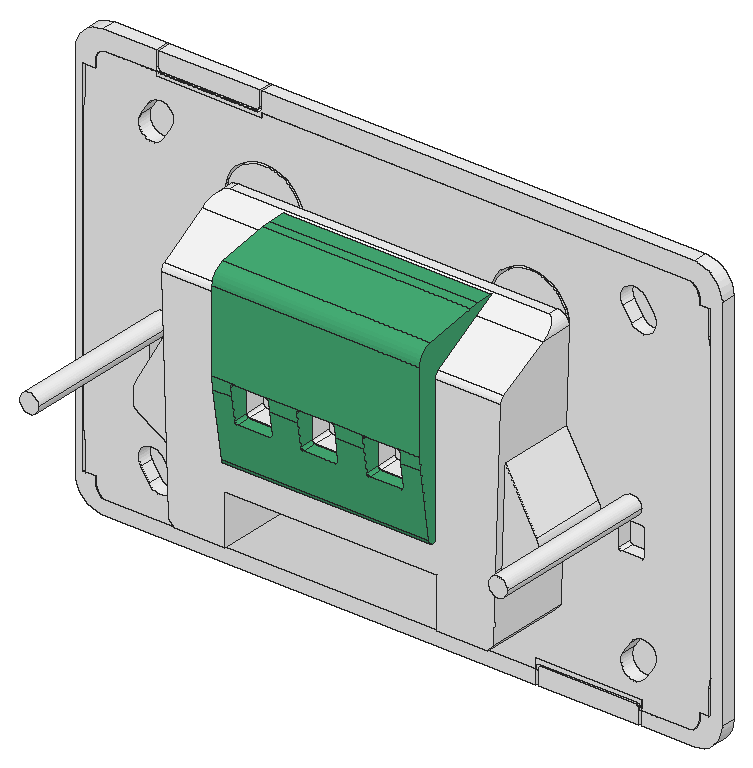
Revit family "SE - Cadence - P3025____", category Electrical Fixtures, Revit 2016
Family settings
  Maintain Annotation Orientation = No
  Part Type = Normal
  Round Connector Dimension = Use Diameter
  OmniClass Number = 23.80.50.11.14
  OmniClass Title = Switches
  Work Plane-Based = No
  Always vertical = No
  Cut with Voids When Loaded = No
  Shared = No
  Room Calculation Point = No
Parameters (values of type "P3025")
  Width [instance] = if(Product Selection = Assembly, 116 mm, if(Product Selection = Grid, 112 mm, 116 mm))  # 116 mm
  White = Colour : White
  URL = ""
  Type Image = <None>
  Standards [instance] = if(Product Selection = Skin, "NA", "AS 3112")  # "AS 3112"
  Skin surface finish [instance] = if(Product Selection = Skin, "Glossy", if(Product Selection = Assembly, "Glossy", "NA"))  # "Glossy"
  Skin colour [instance] = if(and(Product Selection = Skin, Skin Colour Option = White), "White", if(and(Product Selection = Skin, Skin Colour Option = Black), "Black", if(and(Product Selection = Skin, Skin Colour Option = Blue), "Blue", if(and(Product Selection = Skin, Skin Colour Option = Green), "Green", if(and(Product Selection = Assembly, Skin Colour Option = White), "White", if(and(Product Selection = Assembly, Skin Colour Option = Black), "Black", if(and(Product Selection = Assembly, Skin Colour Option = Blue), "Blue", if(and(Product Selection = Assembly, Skin Colour Option = Green), "Green", if(Product Selection = Grid, "NA", if(and(Product Selection = Skin, Skin Colour Option = Red), "Red", if(and(Product Selection = Assembly, Skin Colour Option = Red), "Red", "NA")))))))))))  # "White"
  Skin Option [instance] = or(Product Selection = Skin, or(Product Selection = Assembly))  # yes
  Skin = Option : Skin
  Red = Colour : Red
  Rated current [instance] = if(Product Selection = Skin, "NA", "10 A, 250 V AC, 50 Hz")  # "10 A, 250 V AC, 50 Hz"
  Range = "Clipsal Pro Series"  # constant formula
  REACH Declaration = ""
  Product certifications [instance] = if(Product Selection = Skin, "NA", "RCM")  # "RCM"
  Product Selection [instance] = Option : Assembly
  Plate orientation [instance] = "Horizontal"  # constant formula
  Outlet poles configuration [instance] = if(Product Selection = Skin, "NA", "1P + E with shutter")  # "1P + E with shutter"
  Outlet Standard Description [instance] = if(Product Selection = Skin, "NA", "With earthing contact")  # "With earthing contact"
  Outlet Standard [instance] = "Australian"  # constant formula
  Number of switch [instance] = "2"  # constant formula
  Number of power socket outlets [instance] = if(Product Selection = Skin, "NA", "2")  # "2"
  Model Number [instance] = if(and(Product Selection = Skin, Skin Colour Option = White), "P3025C-XW", if(and(Product Selection = Skin, Skin Colour Option = Black), "P3025C-BK", if(and(Product Selection = Skin, Skin Colour Option = Blue), "P3025C-BL", if(and(Product Selection = Skin, Skin Colour Option = Green), "P3025C-GR", if(and(Product Selection = Assembly, Skin Colour Option = White), "P3025-XW", if(and(Product Selection = Assembly, Skin Colour Option = Black), "P3025-BK", if(and(Product Selection = Assembly, Skin Colour Option = Blue), "P3025-BL", if(and(Product Selection = Assembly, Skin Colour Option = Green), "P3025-GR", if(Product Selection = Grid, "P3025G", if(and(Product Selection = Skin, Skin Colour Option = Red), "P3025C-RD", if(and(Product Selection = Assembly, Skin Colour Option = Red), "P3025-RD", "NA")))))))))))  # "P3025-XW"
  Model Description [instance] = if(Product Selection = Skin, "Skin Socket Sw Horiz Twin 10A 250V ", if(Product Selection = Assembly, "Socket Sw Horiz Twin 10A 250V ", if(Product Selection = Grid, "Grid Socket Sw Horiz Twin 10A 250V", "NA")))  # "Socket Sw Horiz Twin 10A 250V "
  Height [instance] = if(Product Selection = Assembly, 78 mm, if(Product Selection = Grid, 72 mm, 78 mm))  # 78 mm
  Grid colour [instance] = if(Grid Option, "White", if(Product Selection = Assembly, "White", "NA"))  # "White"
  Grid = Option : Grid
  Eu RoHS Compliance = ""
  Environmental disclosure = ""
  Embedding Depth (depth into the  wall) [instance] = if(Product Selection = Skin, "NA", "18.5 mm")  # "18.5 mm"
  Electrical durability [instance] = if(Product Selection = Assembly, "12 000 cycles", "NA")  # "12 000 cycles"
  Device Presentation [instance] = if(Product Selection = Skin, "Skin", if(Product Selection = Assembly, "Grid plate with skin", if(Product Selection = Grid, "Grid Plate", "NA")))  # "Grid plate with skin"
  Depth [instance] = if(Product Selection = Assembly, 30 mm, if(Product Selection = Grid, 25 mm, 9 mm))  # 30 mm
  Connections - terminals [instance] = if(Product Selection = Skin, "NA", "3 screw terminals")  # "3 screw terminals"
  Clamping connection capacity [instance] = if(Product Selection = Assembly, "Up 4 x 2.5 mm² for rigid cable(s) , 1 x 2.5...4 x 2.5 mm² for stranded cable(s) ", if(Product Selection = Grid, "1 x 2.5...4 x 2.5 mm² for rigid cable(s),1 x 2.5...4 x 2.5 mm² for stranded cable(s) ", "NA"))  # "Up 4 x 2.5 mm² for rigid cable(s) , 1 x 2.5...4 x 2.5 mm² for stranded cable(s) "
  Assembly = Option : Assembly
  Manufacturer = "Schneider Electric"
  Grid Option [instance] = or(Product Selection = Grid, or(Product Selection = Assembly))  # yes
  Description = ""
  Blue = Colour : Blue
  Skin Colour Option [instance] = Colour : White
  Green = Colour : Green
  Black = Colour : Black
Reference planes
  plane 1 "Center (Front/Back)": y = 0
  plane 2: z = 0
  plane 3 "Center (Left/Right)": x = 0
  plane 4: x = -58
  plane 5: x = 58
  plane 6: z = 39
  plane 7: z = -39
Forms (mm)
  Extrusion 1, solid, not visible
    sketch origin (0, 0, 0) x (1, 0, 0) y (0, 0, 1)
      loop
        circle (0, 0) r 0.25
    from 0 to 0.256
Dimensions and locks
  equal spacing: plane 5, plane 3 "Center (Left/Right)", plane 4
  "Width": plane 5 to plane 4
  equal spacing: plane 6, level, plane 7
  "Height": plane 6 to plane 7
  aligned and locked: level to plane 2
Automatic sketch dimensions
  plane 3 "Center (Left/Right)" to Extrusion 1 sketch curve = 0 mm
  level to Extrusion 1 sketch curve = 0 mm
  radius of Extrusion 1 sketch curve = 0.25 mm
Nested families
  nested 1: "Colour" at (-2.687, 0, -4.778) x (-1, 0, 0) z (0, 0, 1), type <- "Skin Colour Option", type "White"
  nested 2: "Option" at (-0.187, 7.4, -4.778) x (-1, 0, 0) z (0, 0, 1), type <- "Product Selection", type "Assembly"
    with Product Description "Grid Socket Sw Horiz Twin 10A 250V", Part Number "P3025G"
Connectors
  electrical at (0, 0, 0)
    settings: on Extrusion 1, index 1, voltage 0 V, apparent load 0 VA, apparent load phase1 0 VA, apparent load phase2 0 VA, apparent load phase3 0 VA, power factor 1, load classification "Other", number of poles 1, system type 30, power factor state 1, is connector primary yes, connector utility no, sub classification motor no, connector description ""
Definition of nested family "Colour"
  Parameters (values of type "Red")
    URL = ""
    Type Comments = ""
    Skin = yes
    Model = ""
    Manufacturer = ""
    Description = ""
    Default Elevation = 0 mm
    Cost = 0
    Colour = none
  Types (5): name
    Blue
    Black
    White
    Green
    Red
  Reference planes
    plane 1: y = 0
    plane 2: z = 0
    plane 3: x = 0
    plane 4: y = -16.4
    plane 5: y = -9.9
    plane 6: through (47.914, -16.4, 1219.2) normal (-0.6561, 0.7547, 0)
  Forms (mm)
    Blend 1, solid, material <- "Colour", visible <- "Skin"
      base sketch origin (-522.469, -7.4, -518.248) x (0, 0, 1) y (-1, 0, 0)
        loop
          arc (557.027, -577.782) -> (560.562, -576.318) -> (562.027, -572.782) r 5
          line (562.027, -572.782) -> (562.027, -466.782)
          arc (562.027, -466.782) -> (560.562, -463.247) -> (557.027, -461.782) r 5
          line (557.027, -461.782) -> (489.027, -461.782)
          arc (489.027, -461.782) -> (485.491, -463.247) -> (484.027, -466.782) r 5
          line (484.027, -466.782) -> (484.027, -572.782)
          arc (484.027, -572.782) -> (485.491, -576.318) -> (489.027, -577.782) r 5
          line (489.027, -577.782) -> (557.027, -577.782)
      top sketch origin (-522.469, -7.4, -518.248) x (0, 0, 1) y (-1, 0, 0)
        loop
          arc (557.107, -472.5) -> (555.849, -469.439) -> (552.787, -468.181) r 4.296
          line (552.787, -468.181) -> (493.266, -468.181)
          arc (493.266, -468.181) -> (490.205, -469.439) -> (488.946, -472.5) r 4.296
          line (488.946, -472.5) -> (488.946, -567.065)
          arc (488.946, -567.065) -> (490.205, -570.126) -> (493.266, -571.383) r 4.296
          line (493.266, -571.383) -> (552.787, -571.383)
          arc (552.787, -571.383) -> (555.849, -570.126) -> (557.107, -567.065) r 4.296
          line (557.107, -567.065) -> (557.107, -472.5)
      from 2.5 to 9
    Extrusion 2, void
      sketch origin (-522.469, -7.4, -518.248) x (0, 0, 1) y (-1, 0, 0)
        loop
          arc (514.928, -485.666) -> (512.312, -486.367) -> (513.013, -488.983) r 1.915
          line (513.013, -488.983) -> (519.245, -492.581)
          arc (519.245, -492.581) -> (521.861, -491.88) -> (521.16, -489.264) r 1.915
          line (521.16, -489.264) -> (514.928, -485.666)
        loop
          arc (513.013, -502.982) -> (512.312, -505.598) -> (514.928, -506.299) r 1.915
          line (514.928, -506.299) -> (521.16, -502.7)
          arc (521.16, -502.7) -> (521.861, -500.085) -> (519.245, -499.384) r 1.915
          line (519.245, -499.384) -> (513.013, -502.982)
        loop
          line (498.442, -498.644) -> (507.17, -498.644)
          arc (507.17, -498.644) -> (509.865, -495.949) -> (507.17, -493.255) r 2.695
          line (507.17, -493.255) -> (498.442, -493.321)
          arc (498.442, -493.321) -> (495.781, -495.983) -> (498.442, -498.644) r 2.662
        loop
          line (514.928, -553.899) -> (521.16, -550.3)
          arc (521.16, -550.3) -> (521.861, -547.685) -> (519.245, -546.984) r 1.915
          line (519.245, -546.984) -> (513.013, -550.582)
          arc (513.013, -550.582) -> (512.312, -553.198) -> (514.928, -553.899) r 1.915
        loop
          line (513.013, -536.583) -> (519.245, -540.181)
          arc (519.245, -540.181) -> (521.861, -539.48) -> (521.16, -536.864) r 1.915
          line (521.16, -536.864) -> (514.928, -533.266)
          arc (514.928, -533.266) -> (512.312, -533.967) -> (513.013, -536.583) r 1.915
        loop
          arc (498.442, -540.921) -> (495.781, -543.582) -> (498.442, -546.244) r 2.662
          line (498.442, -546.244) -> (507.17, -546.31)
          arc (507.17, -546.31) -> (509.865, -543.615) -> (507.17, -540.921) r 2.695
          line (507.17, -540.921) -> (498.442, -540.921)
      from 8.263 to 9
    Extrusion 3, void
      sketch origin (-522.469, -16.4, -518.248) x (0, 0, -1) y (-1, 0, 0)
        loop
          arc (-548.826, -486.722) -> (-551.839, -487.97) -> (-553.086, -490.982) r 4.261
          line (-553.086, -490.982) -> (-553.086, -500.982)
          arc (-553.086, -500.982) -> (-551.839, -503.995) -> (-548.826, -505.243) r 4.261
          line (-548.826, -505.243) -> (-538.982, -505.243)
          arc (-538.982, -505.243) -> (-535.867, -503.889) -> (-534.732, -500.687) r 4.261
          line (-534.732, -500.687) -> (-534.722, -490.982)
          arc (-534.722, -490.982) -> (-535.969, -487.97) -> (-538.982, -486.722) r 4.261
          line (-538.982, -486.722) -> (-548.826, -486.722)
        loop
          line (-548.982, -552.843) -> (-538.982, -552.843)
          arc (-538.982, -552.843) -> (-535.969, -551.595) -> (-534.722, -548.582) r 4.261
          line (-534.722, -548.582) -> (-534.732, -538.877)
          arc (-534.732, -538.877) -> (-535.867, -535.676) -> (-538.982, -534.322) r 4.261
          line (-538.982, -534.322) -> (-548.982, -534.322)
          arc (-548.982, -534.322) -> (-551.995, -535.57) -> (-553.243, -538.582) r 4.261
          line (-553.243, -538.582) -> (-553.243, -548.582)
          arc (-553.243, -548.582) -> (-551.995, -551.595) -> (-548.982, -552.843) r 4.261
        loop
          line (-513.592, -488.269) -> (-514.646, -486.54) -> (-520.537, -489.995) -> (-519.572, -491.667) -> (-513.592, -488.269)
        loop
          line (-519.568, -500.269) -> (-520.565, -502.007) -> (-514.584, -505.411) -> (-513.639, -503.669) -> (-519.568, -500.269)
        loop
          line (-499.373, -494.979) -> (-506.247, -494.995) -> (-506.247, -496.953) -> (-499.367, -496.953) -> (-499.373, -494.979)
        loop
          line (-513.592, -551.296) -> (-519.572, -547.898) -> (-520.537, -549.569) -> (-514.646, -553.024) -> (-513.592, -551.296)
        loop
          line (-519.568, -539.295) -> (-513.639, -535.896) -> (-514.584, -534.153) -> (-520.565, -537.557) -> (-519.568, -539.295)
        loop
          line (-499.373, -544.586) -> (-499.367, -542.612) -> (-506.247, -542.612) -> (-506.247, -544.57) -> (-499.373, -544.586)
      from 0 to 9
    Extrusion 4, solid, material <- "Colour", visible <- "Skin"
      sketch origin (-522.469, -9.9, -518.248) x (0, 0, -1) y (-1, 0, 0)
        loop
          line (-562.027, -466.782) -> (-562.027, -572.782)
          arc (-562.027, -572.782) -> (-560.562, -576.318) -> (-557.027, -577.782) r 5
          line (-557.027, -577.782) -> (-489.027, -577.782)
          arc (-489.027, -577.782) -> (-485.491, -576.318) -> (-484.027, -572.782) r 5
          line (-484.027, -572.782) -> (-484.027, -466.782)
          arc (-484.027, -466.782) -> (-485.491, -463.247) -> (-489.027, -461.782) r 5
          line (-489.027, -461.782) -> (-557.027, -461.782)
          arc (-557.027, -461.782) -> (-560.562, -463.247) -> (-562.027, -466.782) r 5
        loop
          arc (-558.592, -572.762) -> (-557.864, -573.716) -> (-556.75, -574.162) r 2.259
          line (-556.75, -574.162) -> (-555.297, -574.162) -> (-555.297, -576.408) -> (-489.744, -576.408) -> (-489.744, -574.142) -> (-488.936, -574.142)
          arc (-488.936, -574.142) -> (-487.473, -573.71) -> (-486.48, -572.552) r 2.692
          line (-486.48, -572.552) -> (-486.48, -495.205) -> (-488.221, -495.205) -> (-488.221, -476.288) -> (-486.48, -476.288) -> (-486.48, -467.439)
          arc (-486.48, -467.439) -> (-487.328, -466.365) -> (-488.602, -465.865) r 2.616
          line (-488.602, -465.865) -> (-489.771, -465.865) -> (-489.771, -463.939) -> (-555.271, -463.939) -> (-555.271, -465.865) -> (-556.44, -465.865)
          arc (-556.44, -465.865) -> (-557.747, -466.39) -> (-558.592, -467.516) r 2.616
          line (-558.592, -467.516) -> (-558.592, -544.303) -> (-557.792, -544.303) -> (-557.792, -563.22) -> (-558.592, -563.22) -> (-558.592, -572.762)
      from 0 to 2.5
    Extrusion 5, void
      sketch origin (47.914, -16.4, 1219.2) x (0.75471, 0.656059, 0) y (0, 0, 1)
        loop
          line (2.077, -1190.591) -> (2.077, -1239.381)
          spline (2.077, -1239.381) -> (2.188, -1240.23) -> (2.511, -1241.022) -> (3.025, -1241.701) -> (3.695, -1242.223) -> (4.476, -1242.551) -> (5.313, -1242.662) -> (6.151, -1242.551) -> (6.931, -1242.223) -> (7.601, -1241.701) -> (8.116, -1241.022) -> (8.439, -1240.23) -> (8.549, -1239.381)
          line (8.549, -1239.381) -> (8.549, -1190.591)
          spline (8.549, -1190.591) -> (8.439, -1189.741) -> (8.116, -1188.95) -> (7.601, -1188.27) -> (6.931, -1187.749) -> (6.151, -1187.421) -> (5.313, -1187.309) -> (4.476, -1187.421) -> (3.695, -1187.749) -> (3.025, -1188.27) -> (2.511, -1188.95) -> (2.188, -1189.741) -> (2.077, -1190.591)
      from -0.469 to 0.948
    Extrusion 6, void
      sketch origin (-51.039, -16.4, 1219.2) x (-0.75471, 0.656059, 0) y (0, 0, -1)
        loop
          spline (3.108, 1190.591) -> (3.217, 1189.741) -> (3.536, 1188.95) -> (4.043, 1188.27) -> (4.705, 1187.749) -> (5.476, 1187.421) -> (6.302, 1187.309) -> (7.129, 1187.421) -> (7.9, 1187.749) -> (8.561, 1188.27) -> (9.069, 1188.95) -> (9.388, 1189.741) -> (9.497, 1190.591)
          line (9.497, 1190.591) -> (9.497, 1239.381)
          spline (9.497, 1239.381) -> (9.388, 1240.23) -> (9.069, 1241.022) -> (8.561, 1241.701) -> (7.9, 1242.223) -> (7.129, 1242.551) -> (6.302, 1242.662) -> (5.476, 1242.551) -> (4.705, 1242.223) -> (4.043, 1241.701) -> (3.536, 1241.022) -> (3.217, 1240.23) -> (3.108, 1239.381)
          line (3.108, 1239.381) -> (3.108, 1190.591)
      from 0.664 to 3.628
    Extrusion 7, void
      sketch origin (16.111, -7.4, 106.058) x (0, 0, 1) y (-1, 0, 0)
        loop
          arc (-111.843, 44.626) -> (-112.048, 45.121) -> (-112.543, 45.326) r 0.7
          line (-112.543, 45.326) -> (-117.136, 45.326)
          arc (-117.136, 45.326) -> (-114.441, 42.631) -> (-117.136, 39.936) r 2.695
          line (-117.136, 39.936) -> (-112.543, 39.936)
          arc (-112.543, 39.936) -> (-112.048, 40.141) -> (-111.843, 40.636) r 0.7
          line (-111.843, 40.636) -> (-111.843, 44.626)
        loop
          line (-117.136, -7.73) -> (-112.566, -7.73)
          arc (-112.566, -7.73) -> (-112.055, -7.518) -> (-111.843, -7.007) r 0.723
          line (-111.843, -7.007) -> (-111.843, -2.995)
          arc (-111.843, -2.995) -> (-112.035, -2.532) -> (-112.497, -2.341) r 0.654
          line (-112.497, -2.341) -> (-117.136, -2.341)
          arc (-117.136, -2.341) -> (-114.441, -5.035) -> (-117.136, -7.73) r 2.695
      from 8.58 to 9
    Extrusion 8, void
      sketch origin (16.111, -7.4, 106.058) x (0, 0, 1) y (-1, 0, 0)
        loop
          arc (-64.989, -5.723) -> (-65.555, -5.957) -> (-65.789, -6.523) r 0.8
          line (-65.789, -6.523) -> (-65.789, -23.84)
          arc (-65.789, -23.84) -> (-65.555, -24.405) -> (-64.989, -24.64) r 0.8
          line (-64.989, -24.64) -> (-60.771, -24.64) -> (-60.771, -5.723) -> (-64.989, -5.723)
        loop
          line (-65.405, -6.7) -> (-65.405, -23.675)
          arc (-65.405, -23.675) -> (-65.257, -24.033) -> (-64.899, -24.181) r 0.506
          line (-64.899, -24.181) -> (-61.653, -24.181) -> (-61.653, -6.181) -> (-64.887, -6.181)
          arc (-64.887, -6.181) -> (-65.253, -6.333) -> (-65.405, -6.7) r 0.519
        loop
          arc (-137.585, 43.375) -> (-137.019, 43.61) -> (-136.785, 44.175) r 0.8
          line (-136.785, 44.175) -> (-136.785, 61.492)
          arc (-136.785, 61.492) -> (-137.019, 62.057) -> (-137.585, 62.292) r 0.8
          line (-137.585, 62.292) -> (-141.802, 62.292) -> (-141.802, 43.375) -> (-137.585, 43.375)
        loop
          line (-137.169, 44.352) -> (-137.169, 61.327)
          arc (-137.169, 61.327) -> (-137.317, 61.685) -> (-137.675, 61.834) r 0.506
          line (-137.675, 61.834) -> (-140.921, 61.834) -> (-140.921, 43.834) -> (-137.687, 43.834)
          arc (-137.687, 43.834) -> (-137.32, 43.985) -> (-137.169, 44.352) r 0.519
      from 0 to 9
  Cuts and joins
    Extrusion 2, Extrusion 3, Extrusion 5, Extrusion 6, Extrusion 7, Extrusion 8 cuts Blend 1
    Extrusion 6, Extrusion 7, Extrusion 8 cuts Extrusion 4
    joined: Blend 1, Extrusion 4
  Dimensions and locks
    locked: plane 4 to plane 5 at 6.5
    locked: plane 4 to plane 1 at 16.4
    aligned and locked: nested 2 to nested 1
  Nested families
    nested 1: "SWITCH ON" at (-26.435, -6.614, 25.651), visible <- "Skin", type "SWITCH"
    nested 2: "SWITCH OFF" at (21.087, -6.614, 25.729), type "SWITCH"
  Definition of nested family "SWITCH ON"
    Parameters (values of type "SWITCH")
      Skin = yes
      Colour = none
    Reference planes
      plane 1 "Center (Front/Back)": y = 0
      plane 2: z = 0
      plane 3 "Center (Left/Right)": x = 0
    Forms (mm)
      Extrusion 1, solid, material <- "Colour", visible <- "Skin"
        sketch origin (-106.024, 677.278, -650.038) x (0, 1, 0) y (0, 0, 1)
          loop
            line (-689.663, 657.087) -> (-688.645, 653.863)
            arc (-688.645, 653.863) -> (-687.622, 649.481) -> (-687.278, 644.994) r 29.454
            line (-687.278, 644.994) -> (-687.278, 642.185)
            arc (-687.278, 642.185) -> (-687.225, 641.664) -> (-687.067, 641.164) r 2.576
            line (-687.067, 641.164) -> (-680.564, 641.164) -> (-680.564, 658.813) -> (-687.067, 658.813) -> (-689.371, 657.749)
            arc (-689.371, 657.749) -> (-689.642, 657.473) -> (-689.663, 657.087) r 0.548
        from 89.172 to 118.842
      Extrusion 2, void
        sketch origin (0, 0, -8.874) x (0, 1, 0) y (0, 0, 1)
          loop
            line (-3.286, 17.649) -> (-11.147, 17.649) -> (-9.568, 12.649) -> (-3.286, 12.649) -> (-3.286, 17.649)
        from -18.415 to 35.249
      Extrusion 3, solid
        sketch origin (0, 0, -8.874) x (0, 1, 0) y (0, 0, 1)
          loop
            line (-9.495, 12.749) -> (-3.286, 12.749) -> (-3.286, 17.749) -> (-9.573, 17.749) -> (-10.883, 17.143) -> (-9.495, 12.749)
        from -16.853 to 12.818
      Extrusion 4, void
        sketch origin (81.25, 0, -8.874) x (1, 0, 0) y (0, 0, 1)
          loop
            arc (-86.25, 17.749) -> (-89.078, 16.577) -> (-90.25, 13.749) r 4
            line (-90.25, 13.749) -> (-90.25, 4)
            arc (-90.25, 4) -> (-89.078, 1.172) -> (-86.25, 0) r 4
            line (-86.25, 0) -> (-76.25, 0)
            arc (-76.25, 0) -> (-73.422, 1.172) -> (-72.25, 4) r 4
            line (-72.25, 4) -> (-72.25, 13.749)
            arc (-72.25, 13.749) -> (-73.422, 16.577) -> (-76.25, 17.749) r 4
            line (-76.25, 17.749) -> (-86.25, 17.749)
          loop
            line (-103.28, 25.029) -> (-103.28, -6.021) -> (-57.141, -6.021) -> (-57.141, 25.029) -> (-103.28, 25.029)
        from 0 to 19.662
    Cuts and joins
      Extrusion 2, Extrusion 4 cuts Extrusion 1
      Extrusion 4 cuts Extrusion 3
    Dimensions and locks
      aligned and locked: level to plane 2
      aligned and locked: cut or joined group of Extrusion 1, Extrusion 2, Extrusion 4 to Extrusion 3
      aligned and locked: Extrusion 3 to cut or joined group of Extrusion 1, Extrusion 2, Extrusion 4
  Definition of nested family "SWITCH OFF"
    Parameters (values of type "SWITCH")
      Skin = yes
      Colour = none
    Reference planes
      plane 1 "Center (Front/Back)": y = 0
      plane 2: z = 0
      plane 3 "Center (Left/Right)": x = 0
    Forms (mm)
      Extrusion 1, solid, material <- "Colour", visible <- "Skin"
        sketch origin (-106.024, 677.278, -650.038) x (0, 1, 0) y (0, 0, 1)
          loop
            arc (-689.663, 642.99) -> (-689.642, 642.604) -> (-689.371, 642.328) r 0.548
            line (-689.371, 642.328) -> (-687.067, 641.264) -> (-680.564, 641.264) -> (-680.564, 658.913) -> (-687.067, 658.913)
            arc (-687.067, 658.913) -> (-687.225, 658.413) -> (-687.278, 657.892) r 2.576
            line (-687.278, 657.892) -> (-687.278, 655.082)
            arc (-687.278, 655.082) -> (-687.622, 650.595) -> (-688.645, 646.213) r 29.454
            line (-688.645, 646.213) -> (-689.663, 642.99)
        from 89.172 to 118.842
      Extrusion 2, void
        sketch origin (0, 0, -8.874) x (0, 1, 0) y (0, 0, 1)
          loop
            line (-3.286, 0.1) -> (-3.286, 5.1) -> (-9.568, 5.1) -> (-11.147, 0.1) -> (-3.286, 0.1)
        from -16.853 to 12.818
      Extrusion 3, solid
        sketch origin (0, 0, -8.874) x (0, 1, 0) y (0, 0, 1)
          loop
            line (-9.495, 5) -> (-10.883, 0.605) -> (-9.573, 0) -> (-3.286, 0) -> (-3.286, 5) -> (-9.495, 5)
        from -16.853 to 12.818
      Extrusion 4, void
        sketch origin (81.25, 0, -8.874) x (1, 0, 0) y (0, 0, 1)
          loop
            arc (-86.25, 17.749) -> (-89.078, 16.577) -> (-90.25, 13.749) r 4
            line (-90.25, 13.749) -> (-90.25, 4)
            arc (-90.25, 4) -> (-89.078, 1.172) -> (-86.25, 0) r 4
            line (-86.25, 0) -> (-76.25, 0)
            arc (-76.25, 0) -> (-73.422, 1.172) -> (-72.25, 4) r 4
            line (-72.25, 4) -> (-72.25, 13.749)
            arc (-72.25, 13.749) -> (-73.422, 16.577) -> (-76.25, 17.749) r 4
            line (-76.25, 17.749) -> (-86.25, 17.749)
          loop
            line (-103.28, 25.029) -> (-103.28, -6.021) -> (-57.141, -6.021) -> (-57.141, 25.029) -> (-103.28, 25.029)
        from 0 to 19.662
    Cuts and joins
      Extrusion 2, Extrusion 4 cuts Extrusion 1
      Extrusion 4 cuts Extrusion 3
    Dimensions and locks
      aligned and locked: level to plane 2
Definition of nested family "Option"
  Parameters (values of type "Assembly")
    URL = ""
    Type Image = (empty or 0)
    Product Description [instance] = "Grid Socket Sw Horiz Twin 10A 250V"
    Part Number [instance] = "P3025G"
    Manufacturer = "Schneider Electric"
    Grid = yes
    Description = ""
  Types (3, lengths in mm): name | Grid
    Grid | yes
    Skin | no
    Assembly | yes
  Reference planes
    plane 1 "Center (Front/Back)": y = 0
    plane 2: z = 0
    plane 3 "Center (Left/Right)": x = 0
  Forms (mm)
    Extrusion 1, solid, visible <- "Grid"
      sketch origin (0, 0, -0.625) x (1, 0, 0) y (0, 0, 1)
        loop
          arc (-28.632, 28.099) -> (-30.092, 27.481) -> (-30.662, 26.001) r 2.032
          line (-30.662, 26.001) -> (-29.568, -7.245) -> (-29.17, -19.343) -> (-28.063, -20.449) -> (-19.043, -20.449) -> (-19.043, -11.449) -> (19.083, -11.449) -> (19.083, -20.449) -> (27.947, -20.449) -> (29.054, -19.343) -> (29.415, -8.367) -> (30.547, 26.013)
          arc (30.547, 26.013) -> (29.98, 27.484) -> (28.528, 28.099) r 2.02
          line (28.528, 28.099) -> (-28.632, 28.099)
      from 0 to -15
    Extrusion 2, void
      sketch origin (0, 0, 0) x (0, 1, 0) y (0, 0, 1)
        loop
          line (5.61, 25.373) -> (14.341, 20.42)
          arc (14.341, 20.42) -> (14.822, 19.832) -> (15.006, 19.095) r 1.734
          line (15.006, 19.095) -> (15.994, 17.784) -> (15.994, 19.482) -> (15.994, 29.937) -> (0, 29.937) -> (0, 28.636) -> (5.61, 25.373)
      from -33.01 to 36.244
    Extrusion 3, solid, visible <- "Grid"
      sketch origin (0, 0, 0) x (0, 1, 0) y (0, 0, 1)
        loop
          line (15.921, 25.534) -> (7.049, 27.098)
          arc (7.049, 27.098) -> (6.271, 27.204) -> (5.487, 27.249) r 10
          line (5.487, 27.249) -> (2.29, 27.304) -> (5.61, 25.373) -> (14.341, 20.42)
          arc (14.341, 20.42) -> (14.796, 19.882) -> (15, 19.207) r 1.734
          line (15, 19.207) -> (15, -6.932)
          arc (15, -6.932) -> (15.86, -6.865) -> (16.347, -6.154) r 1
          line (16.347, -6.154) -> (18.221, 5.851)
          arc (18.221, 5.851) -> (18.355, 7.004) -> (18.4, 8.164) r 15
          line (18.4, 8.164) -> (18.4, 22.579)
          arc (18.4, 22.579) -> (17.698, 24.508) -> (15.921, 25.534) r 3
      from -18.668 to 18.552
    Extrusion 4, solid, visible <- "Grid"
      sketch origin (0, 0, 0) x (1, 0, 0) y (0, 0, 1)
        loop
          line (-29.946, 9.631) -> (-35.94, -0.868)
          arc (-35.94, -0.868) -> (-36.24, -1.591) -> (-36.342, -2.368) r 3
          line (-36.342, -2.368) -> (-36.342, -4.162)
          arc (-36.342, -4.162) -> (-36.059, -5.141) -> (-35.296, -5.817) r 1.832
          line (-35.296, -5.817) -> (-29.369, -9.343) -> (-29.946, 9.631)
        loop
          line (29.946, 9.631) -> (29.369, -9.343) -> (35.296, -5.817)
          arc (35.296, -5.817) -> (36.059, -5.141) -> (36.342, -4.162) r 1.832
          line (36.342, -4.162) -> (36.342, -2.368)
          arc (36.342, -2.368) -> (36.24, -1.591) -> (35.94, -0.868) r 3
          line (35.94, -0.868) -> (29.946, 9.631)
      from 0 to -13.788
    Extrusion 5, void
      sketch origin (0, 0, 0) x (1, 0, 0) y (0, 0, 1)
        loop
          arc (-14.651, 8.084) -> (-15.038, 7.924) -> (-15.199, 7.536) r 0.548
          line (-15.199, 7.536) -> (-15.199, 1.8)
          arc (-15.199, 1.8) -> (-15.039, 1.415) -> (-14.654, 1.255) r 0.545
          line (-14.654, 1.255) -> (-8.928, 1.255)
          arc (-8.928, 1.255) -> (-8.574, 1.402) -> (-8.428, 1.756) r 0.501
          line (-8.428, 1.756) -> (-8.428, 7.539)
          arc (-8.428, 7.539) -> (-8.587, 7.924) -> (-8.973, 8.084) r 0.545
          line (-8.973, 8.084) -> (-14.651, 8.084)
        loop
          line (14.651, 8.084) -> (8.973, 8.084)
          arc (8.973, 8.084) -> (8.587, 7.924) -> (8.428, 7.539) r 0.545
          line (8.428, 7.539) -> (8.428, 1.756)
          arc (8.428, 1.756) -> (8.574, 1.402) -> (8.928, 1.255) r 0.501
          line (8.928, 1.255) -> (14.654, 1.255)
          arc (14.654, 1.255) -> (15.039, 1.415) -> (15.199, 1.8) r 0.545
          line (15.199, 1.8) -> (15.199, 7.536)
          arc (15.199, 7.536) -> (15.038, 7.924) -> (14.651, 8.084) r 0.548
        loop
          arc (-2.839, 8.084) -> (-3.227, 7.924) -> (-3.387, 7.536) r 0.548
          line (-3.387, 7.536) -> (-3.387, 1.8)
          arc (-3.387, 1.8) -> (-3.227, 1.415) -> (-2.842, 1.255) r 0.545
          line (-2.842, 1.255) -> (2.884, 1.255)
          arc (2.884, 1.255) -> (3.238, 1.402) -> (3.384, 1.756) r 0.501
          line (3.384, 1.756) -> (3.384, 7.539)
          arc (3.384, 7.539) -> (3.225, 7.924) -> (2.839, 8.084) r 0.545
          line (2.839, 8.084) -> (-2.839, 8.084)
      from -11.163 to -22.411
    Extrusion 6, solid, visible <- "Grid"
      sketch origin (0, 0, 0) x (1, 0, 0) y (0, 0, 1)
        loop
          circle (-41.983, 0.625) r 1.7
        loop
          circle (42.017, 0.625) r 1.7
      from 0 to -30
    Extrusion 7, solid, visible <- "Grid"
      sketch origin (0, 0, 0) x (0, 1, 0) y (0, 0, 1)
        loop
          line (15, -12.074) -> (0, -12.074) -> (0, -21.074) -> (15, -12.074)
      from -19.043 to 19.083
  Cuts and joins
    Extrusion 5 cuts Extrusion 3
    joined: Extrusion 4, Extrusion 6
    Extrusion 2, Extrusion 5 cuts Extrusion 1
  Dimensions and locks
    aligned and locked: level to plane 2
    aligned and locked: plane 3 "Center (Left/Right)" to nested 1
  Nested families
    nested 1: "Grid" at (0, -44.456, 0), visible <- "Grid", type "Default"
  Definition of nested family "Grid"
    Parameters (values of type "Default")
      URL = ""
      Type Comments = ""
      Model = ""
      Manufacturer = ""
      LOD 300 = yes
      LOD 100 = no
      Description = ""
      Default Elevation = 0 mm
      Cost = 0
      Colour = none
    Reference planes
      plane 1: y = 0
      plane 2: z = 0
      plane 3: x = 0
    Forms (mm)
      Extrusion 1, solid
        sketch origin (-250.747, 44.456, -499.463) x (0, 0, 1) y (-1, 0, 0)
          loop
            line (479.586, -194.399) -> (475.459, -194.956) -> (470.986, -194.94) -> (470.986, -196.643) -> (469.817, -196.643)
            arc (469.817, -196.643) -> (468.154, -197.497) -> (467.486, -199.243) r 2.616
            line (467.486, -199.243) -> (467.486, -203.555) -> (467.486, -207.428) -> (467.5, -294.661) -> (467.5, -296.093) -> (467.5, -302.695)
            arc (467.5, -302.695) -> (468.421, -304.29) -> (470.151, -304.92) r 2.692
            line (470.151, -304.92) -> (470.959, -304.92) -> (470.959, -306.602) -> (475.585, -306.602) -> (479.586, -307.186) -> (527.886, -307.186) -> (531.887, -306.602) -> (536.512, -306.602) -> (536.512, -304.94) -> (537.965, -304.94)
            arc (537.965, -304.94) -> (539.397, -304.2) -> (539.971, -302.695) r 2.259
            line (539.971, -302.695) -> (539.971, -297.485) -> (539.986, -282.102) -> (539.986, -199.243)
            arc (539.986, -199.243) -> (539.318, -197.497) -> (537.655, -196.643) r 2.616
            line (537.655, -196.643) -> (536.486, -196.643) -> (536.486, -194.94) -> (532.012, -194.956) -> (527.886, -194.399) -> (479.586, -194.399)
          loop
            arc (500.304, -223.357) -> (500.735, -223.369) -> (501.078, -223.108) r 0.647
            line (501.078, -223.108) -> (502.108, -221.533)
            arc (502.108, -221.533) -> (502.143, -221.058) -> (501.846, -220.686) r 0.653
            line (501.846, -220.686) -> (495.308, -216.911)
            arc (495.308, -216.911) -> (494.876, -216.898) -> (494.533, -217.16) r 0.647
            line (494.533, -217.16) -> (493.503, -218.734)
            arc (493.503, -218.734) -> (493.468, -219.21) -> (493.765, -219.582) r 0.653
            line (493.765, -219.582) -> (500.304, -223.357)
          loop
            line (502.017, -232.505) -> (501.169, -230.825)
            arc (501.169, -230.825) -> (500.775, -230.557) -> (500.304, -230.629) r 0.653
            line (500.304, -230.629) -> (493.765, -234.403)
            arc (493.765, -234.403) -> (493.539, -234.771) -> (493.594, -235.199) r 0.647
            line (493.594, -235.199) -> (494.442, -236.878)
            arc (494.442, -236.878) -> (494.837, -237.146) -> (495.308, -237.075) r 0.653
            line (495.308, -237.075) -> (501.846, -233.3)
            arc (501.846, -233.3) -> (502.072, -232.933) -> (502.017, -232.505) r 0.647
          loop
            line (487.373, -225.217) -> (479.6, -225.217)
            arc (479.6, -225.217) -> (479.167, -225.396) -> (478.988, -225.829) r 0.612
            line (478.988, -225.829) -> (479.087, -228.182)
            arc (479.087, -228.182) -> (479.259, -228.597) -> (479.675, -228.769) r 0.587
            line (479.675, -228.769) -> (487.472, -228.769)
            arc (487.472, -228.769) -> (487.904, -228.589) -> (488.084, -228.157) r 0.612
            line (488.084, -228.157) -> (487.985, -225.829)
            arc (487.985, -225.829) -> (487.806, -225.396) -> (487.373, -225.217) r 0.612
          loop
            line (501.078, -270.708) -> (502.017, -269.081)
            arc (502.017, -269.081) -> (502.085, -268.65) -> (501.846, -268.286) r 0.606
            line (501.846, -268.286) -> (495.308, -264.511)
            arc (495.308, -264.511) -> (494.876, -264.498) -> (494.533, -264.76) r 0.647
            line (494.533, -264.76) -> (493.503, -266.334)
            arc (493.503, -266.334) -> (493.468, -266.81) -> (493.765, -267.182) r 0.653
            line (493.765, -267.182) -> (500.304, -270.957)
            arc (500.304, -270.957) -> (500.739, -270.982) -> (501.078, -270.708) r 0.606
          loop
            line (502.108, -280.052) -> (501.169, -278.425)
            arc (501.169, -278.425) -> (500.779, -278.138) -> (500.304, -278.229) r 0.605
            line (500.304, -278.229) -> (493.765, -282.003)
            arc (493.765, -282.003) -> (493.527, -282.368) -> (493.594, -282.799) r 0.606
            line (493.594, -282.799) -> (494.533, -284.425)
            arc (494.533, -284.425) -> (494.873, -284.699) -> (495.308, -284.675) r 0.606
            line (495.308, -284.675) -> (501.846, -280.9)
            arc (501.846, -280.9) -> (502.143, -280.527) -> (502.108, -280.052) r 0.653
          loop
            line (478.988, -273.513) -> (478.988, -275.813)
            arc (478.988, -275.813) -> (479.151, -276.206) -> (479.543, -276.369) r 0.556
            line (479.543, -276.369) -> (487.355, -276.369)
            arc (487.355, -276.369) -> (487.801, -276.184) -> (487.985, -275.739) r 0.63
            line (487.985, -275.739) -> (487.985, -273.511)
            arc (487.985, -273.511) -> (487.782, -273.02) -> (487.291, -272.817) r 0.694
            line (487.291, -272.817) -> (479.684, -272.817)
            arc (479.684, -272.817) -> (479.192, -273.021) -> (478.988, -273.513) r 0.696
          loop
            arc (521.264, -233.266) -> (528.403, -233.107) -> (531.844, -226.85) r 7.15
            arc (531.844, -226.85) -> (528.556, -220.974) -> (521.844, -220.436) r 7.15
            arc (521.844, -220.436) -> (517.553, -226.67) -> (521.264, -233.266) r 7.15
          loop
            circle (524.696, -226.993) r 6.75
          loop
            arc (521.264, -268.32) -> (517.553, -274.916) -> (521.844, -281.15) r 7.15
            arc (521.844, -281.15) -> (528.556, -280.611) -> (531.844, -274.736) r 7.15
            arc (531.844, -274.736) -> (528.403, -268.479) -> (521.264, -268.32) r 7.15
          loop
            circle (524.696, -274.593) r 6.75
          loop
            arc (532.043, -204.723) -> (528.623, -205.45) -> (529.35, -208.87) r 2.473
            line (529.35, -208.87) -> (531.616, -210.342)
            arc (531.616, -210.342) -> (535.036, -209.615) -> (534.309, -206.194) r 2.473
            line (534.309, -206.194) -> (532.043, -204.723)
          loop
            line (532.043, -296.863) -> (534.309, -295.391)
            arc (534.309, -295.391) -> (535.036, -291.971) -> (531.616, -291.244) r 2.473
            line (531.616, -291.244) -> (529.35, -292.715)
            arc (529.35, -292.715) -> (528.623, -296.136) -> (532.043, -296.863) r 2.473
          loop
            line (473.162, -295.391) -> (475.428, -296.863)
            arc (475.428, -296.863) -> (478.849, -296.136) -> (478.122, -292.715) r 2.473
            line (478.122, -292.715) -> (475.856, -291.244)
            arc (475.856, -291.244) -> (472.435, -291.971) -> (473.162, -295.391) r 2.473
          loop
            arc (478.122, -208.87) -> (478.849, -205.45) -> (475.428, -204.723) r 2.473
            line (475.428, -204.723) -> (473.162, -206.194)
            arc (473.162, -206.194) -> (472.435, -209.615) -> (475.856, -210.342) r 2.473
            line (475.856, -210.342) -> (478.122, -208.87)
          loop
            line (497.57, -210.634) -> (497.57, -206.955)
            arc (497.57, -206.955) -> (497.413, -206.575) -> (497.034, -206.418) r 0.537
            line (497.034, -206.418) -> (492.565, -206.418)
            arc (492.565, -206.418) -> (492.188, -206.574) -> (492.032, -206.951) r 0.534
            line (492.032, -206.951) -> (492.032, -210.636)
            arc (492.032, -210.636) -> (492.187, -211.012) -> (492.563, -211.168) r 0.531
            line (492.563, -211.168) -> (497.037, -211.168)
            arc (497.037, -211.168) -> (497.414, -211.012) -> (497.57, -210.634) r 0.534
          loop
            arc (497.57, -290.951) -> (497.414, -290.574) -> (497.037, -290.418) r 0.534
            line (497.037, -290.418) -> (492.563, -290.418)
            arc (492.563, -290.418) -> (492.187, -290.573) -> (492.032, -290.949) r 0.531
            line (492.032, -290.949) -> (492.032, -294.634)
            arc (492.032, -294.634) -> (492.188, -295.011) -> (492.565, -295.168) r 0.534
            line (492.565, -295.168) -> (497.034, -295.168)
            arc (497.034, -295.168) -> (497.413, -295.011) -> (497.57, -294.631) r 0.537
            line (497.57, -294.631) -> (497.57, -290.951)
        from 0 to 7.4
      Extrusion 2, void
        sketch origin (-250.747, 44.456, -499.463) x (0, 0, 1) y (-1, 0, 0)
          loop
            line (532.432, -239.401) -> (534.817, -239.401) -> (534.817, -214.585) -> (529.885, -214.585) -> (517.636, -214.585) -> (514.139, -214.585) -> (507.896, -214.585) -> (507.896, -219.993) -> (514.139, -219.993) -> (514.139, -239.401) -> (517.636, -239.401) -> (532.432, -239.401)
          loop
            line (513.72, -214.908) -> (508.676, -214.908) -> (508.676, -219.642) -> (513.72, -219.642) -> (513.72, -214.908)
          loop
            line (535.301, -204.666) -> (533.036, -203.195)
            arc (533.036, -203.195) -> (526.967, -204.667) -> (528.784, -210.642) r 4.295
            line (528.784, -210.642) -> (530.227, -211.579)
            arc (530.227, -211.579) -> (536.425, -210.809) -> (535.301, -204.666) r 4.295
          loop
            arc (535.286, -296.896) -> (536.541, -290.994) -> (530.638, -289.739) r 4.267
            line (530.638, -289.739) -> (528.373, -291.211)
            arc (528.373, -291.211) -> (527.118, -297.113) -> (533.02, -298.367) r 4.267
            line (533.02, -298.367) -> (535.286, -296.896)
          loop
            arc (476.796, -289.716) -> (470.919, -291.012) -> (472.185, -296.896) r 4.267
            line (472.185, -296.896) -> (474.451, -298.367)
            arc (474.451, -298.367) -> (480.353, -297.113) -> (479.098, -291.21) r 4.267
            line (479.098, -291.21) -> (476.796, -289.716)
          loop
            arc (479.099, -210.375) -> (480.353, -204.473) -> (474.451, -203.218) r 4.267
            line (474.451, -203.218) -> (472.17, -204.666)
            arc (472.17, -204.666) -> (470.931, -210.592) -> (476.833, -211.846) r 4.267
            line (476.833, -211.846) -> (479.099, -210.375)
          loop
            line (531.307, -216.769) -> (531.307, -214.775) -> (530.518, -214.775) -> (530.518, -216.844)
            arc (530.518, -216.844) -> (530.195, -217.525) -> (529.463, -217.703) r 0.878
            line (529.463, -217.703) -> (528.626, -217.737) -> (524.943, -217.737) -> (524.943, -218.526) -> (529.634, -218.442)
            arc (529.634, -218.442) -> (530.817, -217.952) -> (531.307, -216.769) r 1.673
          loop
            line (518.953, -214.848) -> (518.164, -214.848) -> (518.164, -216.769)
            arc (518.164, -216.769) -> (518.661, -217.967) -> (519.859, -218.464) r 1.695
            line (519.859, -218.464) -> (524.409, -218.538) -> (524.409, -217.737) -> (519.831, -217.722)
            arc (519.831, -217.722) -> (519.21, -217.465) -> (518.953, -216.844) r 0.878
            line (518.953, -216.844) -> (518.953, -214.848)
          loop
            arc (531.307, -237.216) -> (530.817, -236.033) -> (529.634, -235.543) r 1.673
            line (529.634, -235.543) -> (524.943, -235.459) -> (524.943, -236.248) -> (528.626, -236.248) -> (529.463, -236.282)
            arc (529.463, -236.282) -> (530.195, -236.461) -> (530.518, -237.142) r 0.878
            line (530.518, -237.142) -> (530.518, -239.21) -> (531.307, -239.21) -> (531.307, -237.216)
          loop
            line (518.953, -239.137) -> (518.953, -237.141)
            arc (518.953, -237.141) -> (519.21, -236.521) -> (519.831, -236.264) r 0.878
            line (519.831, -236.264) -> (524.409, -236.248) -> (524.409, -235.448) -> (519.859, -235.522)
            arc (519.859, -235.522) -> (518.661, -236.018) -> (518.164, -237.217) r 1.695
            line (518.164, -237.217) -> (518.164, -239.137) -> (518.953, -239.137)
          loop
            line (532.432, -262.175) -> (517.636, -262.175) -> (514.139, -262.175) -> (514.139, -281.582) -> (507.896, -281.582) -> (507.896, -286.991) -> (514.139, -286.991) -> (517.636, -286.991) -> (529.885, -286.991) -> (534.817, -286.991) -> (534.817, -262.175) -> (532.432, -262.175)
          loop
            line (513.72, -286.668) -> (513.72, -281.934) -> (508.676, -281.934) -> (508.676, -286.668) -> (513.72, -286.668)
          loop
            arc (531.307, -284.806) -> (530.817, -283.623) -> (529.634, -283.133) r 1.673
            line (529.634, -283.133) -> (524.943, -283.049) -> (524.943, -283.838) -> (528.626, -283.838) -> (529.463, -283.872)
            arc (529.463, -283.872) -> (530.195, -284.051) -> (530.518, -284.732) r 0.878
            line (530.518, -284.732) -> (530.518, -286.8) -> (531.307, -286.8) -> (531.307, -284.806)
          loop
            line (518.953, -286.727) -> (518.953, -284.731)
            arc (518.953, -284.731) -> (519.21, -284.111) -> (519.831, -283.854) r 0.878
            line (519.831, -283.854) -> (524.409, -283.838) -> (524.409, -283.038) -> (519.859, -283.112)
            arc (519.859, -283.112) -> (518.661, -283.608) -> (518.164, -284.807) r 1.695
            line (518.164, -284.807) -> (518.164, -286.727) -> (518.953, -286.727)
          loop
            line (531.307, -264.359) -> (531.307, -262.365) -> (530.518, -262.365) -> (530.518, -264.434)
            arc (530.518, -264.434) -> (530.195, -265.115) -> (529.463, -265.293) r 0.878
            line (529.463, -265.293) -> (528.626, -265.327) -> (524.943, -265.327) -> (524.943, -266.116) -> (529.634, -266.032)
            arc (529.634, -266.032) -> (530.817, -265.542) -> (531.307, -264.359) r 1.673
          loop
            line (518.953, -262.438) -> (518.164, -262.438) -> (518.164, -264.359)
            arc (518.164, -264.359) -> (518.661, -265.557) -> (519.859, -266.054) r 1.695
            line (519.859, -266.054) -> (524.409, -266.128) -> (524.409, -265.327) -> (519.831, -265.312)
            arc (519.831, -265.312) -> (519.21, -265.055) -> (518.953, -264.434) r 0.878
            line (518.953, -264.434) -> (518.953, -262.438)
          loop
            line (516.105, -210.291) -> (516.105, -207.268)
            arc (516.105, -207.268) -> (515.958, -206.912) -> (515.602, -206.765) r 0.503
            line (515.602, -206.765) -> (514.341, -206.765) -> (514.341, -205.562)
            arc (514.341, -205.562) -> (514.034, -204.823) -> (513.294, -204.518) r 1.043
            line (513.294, -204.518) -> (484.203, -204.608)
            arc (484.203, -204.608) -> (483.516, -204.894) -> (483.23, -205.582) r 0.976
            line (483.23, -205.582) -> (483.212, -212.548)
            arc (483.212, -212.548) -> (483.357, -212.901) -> (483.711, -213.048) r 0.499
            line (483.711, -213.048) -> (513.351, -213.048)
            arc (513.351, -213.048) -> (514.051, -212.758) -> (514.341, -212.058) r 0.99
            line (514.341, -212.058) -> (514.341, -210.796) -> (515.569, -210.818)
            arc (515.569, -210.818) -> (515.948, -210.667) -> (516.105, -210.291) r 0.527
          loop
            arc (516.105, -290.595) -> (515.948, -290.219) -> (515.569, -290.068) r 0.527
            line (515.569, -290.068) -> (514.341, -290.089) -> (514.341, -288.828)
            arc (514.341, -288.828) -> (514.051, -288.128) -> (513.351, -287.838) r 0.99
            line (513.351, -287.838) -> (483.711, -287.838)
            arc (483.711, -287.838) -> (483.357, -287.984) -> (483.212, -288.338) r 0.499
            line (483.212, -288.338) -> (483.23, -295.304)
            arc (483.23, -295.304) -> (483.516, -295.991) -> (484.203, -296.277) r 0.976
            line (484.203, -296.277) -> (513.294, -296.367)
            arc (513.294, -296.367) -> (514.034, -296.063) -> (514.341, -295.324) r 1.043
            line (514.341, -295.324) -> (514.341, -294.121) -> (515.602, -294.121)
            arc (515.602, -294.121) -> (515.958, -293.973) -> (516.105, -293.618) r 0.503
            line (516.105, -293.618) -> (516.105, -290.595)
        from 5.19 to 7.4
      Extrusion 3, solid
        sketch origin (-250.747, 37.056, -499.463) x (0, 0, 1) y (-1, 0, 0)
          loop
            arc (492.107, -232.818) -> (490.697, -234.599) -> (490.89, -236.863) r 3.082
            line (490.89, -236.863) -> (491.59, -238.075)
            arc (491.59, -238.075) -> (493.473, -239.549) -> (495.852, -239.304) r 3.197
            line (495.852, -239.304) -> (503.504, -234.886)
            arc (503.504, -234.886) -> (504.904, -232.944) -> (504.567, -230.574) r 3.205
            line (504.567, -230.574) -> (504.024, -229.632)
            arc (504.024, -229.632) -> (502.337, -228.027) -> (500.019, -228.25) r 2.805
            line (500.019, -228.25) -> (492.107, -232.818)
          loop
            arc (492.565, -233.615) -> (491.594, -234.995) -> (491.837, -236.665) r 2.281
            line (491.837, -236.665) -> (492.386, -237.616)
            arc (492.386, -237.616) -> (493.71, -238.661) -> (495.391, -238.509) r 2.279
            line (495.391, -238.509) -> (503.046, -234.089)
            arc (503.046, -234.089) -> (504.018, -232.709) -> (503.775, -231.039) r 2.281
            line (503.775, -231.039) -> (503.225, -230.088)
            arc (503.225, -230.088) -> (501.901, -229.043) -> (500.221, -229.195) r 2.279
            line (500.221, -229.195) -> (492.565, -233.615)
          loop
            arc (491.761, -226.253) -> (490.901, -224.177) -> (488.825, -223.317) r 2.936
            line (488.825, -223.317) -> (478.246, -223.317)
            arc (478.246, -223.317) -> (476.17, -224.177) -> (475.31, -226.253) r 2.936
            line (475.31, -226.253) -> (475.31, -227.733)
            arc (475.31, -227.733) -> (476.17, -229.809) -> (478.246, -230.668) r 2.936
            line (478.246, -230.668) -> (488.825, -230.668)
            arc (488.825, -230.668) -> (490.901, -229.809) -> (491.761, -227.732) r 2.936
            line (491.761, -227.732) -> (491.761, -226.253)
          loop
            line (492.681, -227.727) -> (492.681, -226.258)
            arc (492.681, -226.258) -> (491.55, -223.529) -> (488.82, -222.398) r 3.86
            line (488.82, -222.398) -> (478.251, -222.398)
            arc (478.251, -222.398) -> (475.522, -223.529) -> (474.391, -226.258) r 3.86
            line (474.391, -226.258) -> (474.391, -227.728)
            arc (474.391, -227.728) -> (475.522, -230.457) -> (478.251, -231.588) r 3.86
            line (478.251, -231.588) -> (488.82, -231.588)
            arc (488.82, -231.588) -> (491.55, -230.457) -> (492.681, -227.727) r 3.86
          loop
            line (492.107, -221.168) -> (500.019, -225.736)
            arc (500.019, -225.736) -> (502.337, -225.958) -> (504.024, -224.354) r 2.805
            line (504.024, -224.354) -> (504.567, -223.412)
            arc (504.567, -223.412) -> (504.904, -221.042) -> (503.504, -219.1) r 3.205
            line (503.504, -219.1) -> (495.852, -214.682)
            arc (495.852, -214.682) -> (493.473, -214.437) -> (491.59, -215.91) r 3.197
            line (491.59, -215.91) -> (490.89, -217.122)
            arc (490.89, -217.122) -> (490.697, -219.386) -> (492.107, -221.168) r 3.082
          loop
            line (492.565, -220.371) -> (500.221, -224.791)
            arc (500.221, -224.791) -> (501.901, -224.943) -> (503.225, -223.898) r 2.279
            line (503.225, -223.898) -> (503.775, -222.947)
            arc (503.775, -222.947) -> (504.018, -221.277) -> (503.046, -219.897) r 2.281
            line (503.046, -219.897) -> (495.391, -215.477)
            arc (495.391, -215.477) -> (493.71, -215.325) -> (492.386, -216.37) r 2.279
            line (492.386, -216.37) -> (491.837, -217.321)
            arc (491.837, -217.321) -> (491.594, -218.991) -> (492.565, -220.371) r 2.281
          loop
            line (492.107, -268.768) -> (500.019, -273.336)
            arc (500.019, -273.336) -> (502.337, -273.558) -> (504.024, -271.954) r 2.805
            line (504.024, -271.954) -> (504.567, -271.012)
            arc (504.567, -271.012) -> (504.904, -268.642) -> (503.504, -266.7) r 3.205
            line (503.504, -266.7) -> (495.852, -262.282)
            arc (495.852, -262.282) -> (493.473, -262.037) -> (491.59, -263.51) r 3.197
            line (491.59, -263.51) -> (490.89, -264.722)
            arc (490.89, -264.722) -> (490.697, -266.986) -> (492.107, -268.768) r 3.082
          loop
            line (492.565, -267.971) -> (500.221, -272.391)
            arc (500.221, -272.391) -> (501.901, -272.543) -> (503.225, -271.498) r 2.279
            line (503.225, -271.498) -> (503.775, -270.547)
            arc (503.775, -270.547) -> (504.018, -268.877) -> (503.046, -267.497) r 2.281
            line (503.046, -267.497) -> (495.391, -263.077)
            arc (495.391, -263.077) -> (493.71, -262.925) -> (492.386, -263.97) r 2.279
            line (492.386, -263.97) -> (491.837, -264.921)
            arc (491.837, -264.921) -> (491.594, -266.591) -> (492.565, -267.971) r 2.281
          loop
            line (491.761, -275.333) -> (491.761, -273.853)
            arc (491.761, -273.853) -> (490.901, -271.777) -> (488.825, -270.917) r 2.936
            line (488.825, -270.917) -> (478.246, -270.917)
            arc (478.246, -270.917) -> (476.17, -271.777) -> (475.31, -273.853) r 2.936
            line (475.31, -273.853) -> (475.31, -275.332)
            arc (475.31, -275.332) -> (476.17, -277.409) -> (478.246, -278.268) r 2.936
            line (478.246, -278.268) -> (488.825, -278.268)
            arc (488.825, -278.268) -> (490.901, -277.409) -> (491.761, -275.333) r 2.936
          loop
            arc (492.681, -273.858) -> (491.55, -271.129) -> (488.82, -269.998) r 3.86
            line (488.82, -269.998) -> (478.251, -269.998)
            arc (478.251, -269.998) -> (475.522, -271.129) -> (474.391, -273.858) r 3.86
            line (474.391, -273.858) -> (474.391, -275.327)
            arc (474.391, -275.327) -> (475.522, -278.057) -> (478.251, -279.188) r 3.86
            line (478.251, -279.188) -> (488.82, -279.188)
            arc (488.82, -279.188) -> (491.55, -278.057) -> (492.681, -275.327) r 3.86
            line (492.681, -275.327) -> (492.681, -273.858)
          loop
            arc (492.107, -280.418) -> (490.697, -282.199) -> (490.89, -284.463) r 3.082
            line (490.89, -284.463) -> (491.59, -285.675)
            arc (491.59, -285.675) -> (493.473, -287.149) -> (495.852, -286.904) r 3.197
            line (495.852, -286.904) -> (503.504, -282.486)
            arc (503.504, -282.486) -> (504.904, -280.544) -> (504.567, -278.174) r 3.205
            line (504.567, -278.174) -> (504.024, -277.232)
            arc (504.024, -277.232) -> (502.337, -275.627) -> (500.019, -275.85) r 2.805
            line (500.019, -275.85) -> (492.107, -280.418)
          loop
            arc (492.565, -281.214) -> (491.594, -282.594) -> (491.837, -284.264) r 2.281
            line (491.837, -284.264) -> (492.386, -285.216)
            arc (492.386, -285.216) -> (493.71, -286.261) -> (495.391, -286.109) r 2.279
            line (495.391, -286.109) -> (503.046, -281.689)
            arc (503.046, -281.689) -> (504.018, -280.309) -> (503.775, -278.639) r 2.281
            line (503.775, -278.639) -> (503.225, -277.688)
            arc (503.225, -277.688) -> (501.901, -276.642) -> (500.221, -276.795) r 2.279
            line (500.221, -276.795) -> (492.565, -281.214)
        from 0 to 0.539
      Extrusion 4, solid
        sketch origin (-250.747, 37.056, -499.463) x (0, 0, 1) y (-1, 0, 0)
          loop
            arc (535.036, -244.093) -> (534.391, -242.537) -> (532.836, -241.893) r 2.2
            line (532.836, -241.893) -> (514.736, -241.893)
            arc (514.736, -241.893) -> (513.18, -242.537) -> (512.536, -244.093) r 2.2
            line (512.536, -244.093) -> (512.536, -257.493)
            arc (512.536, -257.493) -> (513.18, -259.048) -> (514.736, -259.693) r 2.2
            line (514.736, -259.693) -> (532.836, -259.693)
            arc (532.836, -259.693) -> (534.391, -259.048) -> (535.036, -257.493) r 2.2
            line (535.036, -257.493) -> (535.036, -244.093)
          loop
            arc (534.836, -244.093) -> (534.25, -242.679) -> (532.836, -242.093) r 2
            line (532.836, -242.093) -> (514.736, -242.093)
            arc (514.736, -242.093) -> (513.322, -242.679) -> (512.736, -244.093) r 2
            line (512.736, -244.093) -> (512.736, -257.493)
            arc (512.736, -257.493) -> (513.322, -258.907) -> (514.736, -259.493) r 2
            line (514.736, -259.493) -> (532.836, -259.493)
            arc (532.836, -259.493) -> (534.25, -258.907) -> (534.836, -257.493) r 2
            line (534.836, -257.493) -> (534.836, -244.093)
          loop
            arc (508.136, -243.993) -> (507.491, -242.437) -> (505.936, -241.793) r 2.2
            line (505.936, -241.793) -> (473.936, -241.793)
            arc (473.936, -241.793) -> (472.38, -242.437) -> (471.736, -243.993) r 2.2
            line (471.736, -243.993) -> (471.736, -257.593)
            arc (471.736, -257.593) -> (472.38, -259.148) -> (473.936, -259.793) r 2.2
            line (473.936, -259.793) -> (505.936, -259.793)
            arc (505.936, -259.793) -> (507.491, -259.148) -> (508.136, -257.593) r 2.2
            line (508.136, -257.593) -> (508.136, -243.993)
          loop
            arc (507.936, -243.993) -> (507.35, -242.579) -> (505.936, -241.993) r 2
            line (505.936, -241.993) -> (473.936, -241.993)
            arc (473.936, -241.993) -> (472.522, -242.579) -> (471.936, -243.993) r 2
            line (471.936, -243.993) -> (471.936, -257.593)
            arc (471.936, -257.593) -> (472.522, -259.007) -> (473.936, -259.593) r 2
            line (473.936, -259.593) -> (505.936, -259.593)
            arc (505.936, -259.593) -> (507.35, -259.007) -> (507.936, -257.593) r 2
            line (507.936, -257.593) -> (507.936, -243.993)
        from 0 to 0.312
      Extrusion 5, void
        sketch origin (37.455, 44.456, 40.522) x (0, -1, 0) y (-1, 0, 0)
          loop
            line (7.4, 93.802) -> (-0.379, 93.802) -> (7.4, 87.275) -> (7.4, 93.802)
          loop
            line (-0.087, -19.807) -> (7.692, -19.807) -> (7.692, -13.28) -> (-0.087, -19.807)
        from 0 to 73.936
      Extrusion 6, void
        sketch origin (-14.499, 44.456, 24.889) x (0, 0, 1) y (0, 1, 0)
          loop
            line (15.455, 0) -> (15.455, -2.685) -> (13.655, -5.01) -> (13.655, -7.4) -> (20.131, -7.4) -> (20.131, 0) -> (15.455, 0)
        from -74.631 to 47.36
      Extrusion 7, void
        sketch origin (-14.499, 44.456, -18.639) x (0, 0, -1) y (0, -1, 0)
          loop
            line (13.129, 0) -> (18.001, 0) -> (18.001, 7.4) -> (11.329, 7.4) -> (11.329, 5.263) -> (13.129, 2.937) -> (13.129, 0)
        from -74.631 to 47.36
    Cuts and joins
      Extrusion 2, Extrusion 5, Extrusion 6, Extrusion 7 cuts Extrusion 1
